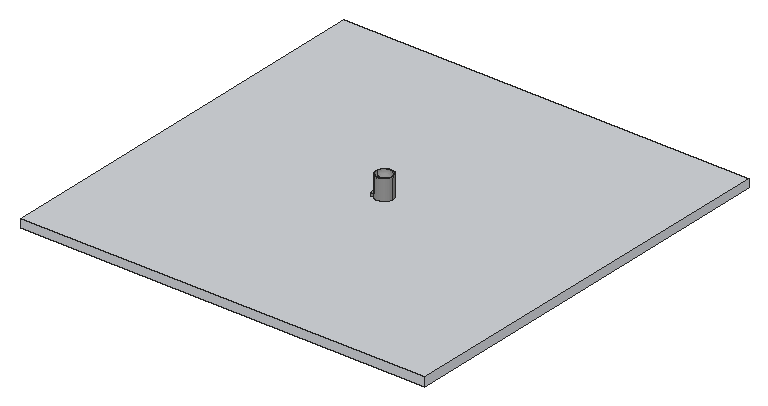
Revit family "LAMP_KOMBIC 100 SURFACE TRACK 2500 CRI80 OPTIC", category Luminarias, Revit 2018
Family settings
  Anfitrión = Cara
  Cota de conector redondo = Diámetro de uso
  Tipo de pieza = Normal
  Corte con vacíos al cargar = No
  Origen de luz = Sí
  Compartido = No
  Punto de cálculo de habitación = No
Parameters (values of type "1609LM 3000K  B/B")
  Ángulo de inclinación = -90.00°
  Weight = 0.498 kg
  UGR = "17"
  Type = "COB PHILIPS"
  Protection rating = "IP40"
  Product datasheet = "http://www.lamp.es/product-files/TECH/K11TK2540WF830NBB-EN.pdf"
  Product code = "K11TK2540WF830NBB"
  Product URL = "https://www.lamp.es/en/family/kombic-surface_474354"
  Power Supply = "220-240V 50/60Hz"
  Power = 18 W
  Plum = 21.6 W
  Modelo = Product code  # "K11TK2540WF830NBB"
  Model explanation = "Possibility of chossing between surface or suspended within the model"
  Material reflector = LAMP_PC Reflector Kombic Metalizado Negro
  Material floron = LAMP_Plástico genérico NG
  Material difusor = LAMP_PMMA Difusor Kombic
  Material cuerpo = LAMP_Plástico genérico NG
  Material cable suspension = LAMP_Acero genérico
  Manufacturer name = "LAMP"
  Manufacturer country = "Spain"
  Manufacturer URL = "http://www.lamp.es/en"
  MacAdam = "3"
  Luminaire type = "Track"
  Last update = "03/08/2021"
  Lamp = "COB LED"
  LED Lifetime = "50.000 L70 B10"
  Insulation class = "I"
  Installation instructions = "https://www.lamp.es/product-files/packed/by-family/474354_INS_all.zip"
  IEE = "A+"
  Wattage = 21.6 W
  built-in parameter 1150107 = 3000 (stored number, unit not read)
  built-in parameter 1150110 = 1 (stored number, unit not read)
  built-in parameter 1150109 = 1 (stored number, unit not read)
  built-in parameter 1150112 = 1 (stored number, unit not read)
  built-in parameter 1150113 = 1 (stored number, unit not read)
  built-in parameter 1114218 = 1 (stored number, unit not read)
  built-in parameter 1150137 = (empty or 0)
  built-in parameter 1150132 = 2
  built-in parameter 1150105 = 2137.8 (stored number, unit not read)
  built-in parameter 1150102 = (empty or 0)
  built-in parameter 1150106 = 21.378 (stored number, unit not read)
  Height = 120 mm
  Gear = "Electronic"
  Lumens = 1609.2 lm
  Finish = "Matte black RAL 9011"
  Color Filter = 16777215
  built-in parameter 1114217 = 1 (stored number, unit not read)
  built-in parameter 1150139 = (empty or 0)
  Fabricante = Manufacturer name  # "LAMP"
  Default Elevation = 1219.2 mm
  built-in parameter 1150104 = 6.9213 (stored number, unit not read)
  Efficacy = 74.5 lm/W
  Diameter = 100 mm
  built-in parameter 1150115 = 1 (stored number, unit not read)
  built-in parameter 1150114 = 1 (stored number, unit not read)
  built-in parameter 1150138 = (empty or 0)
  built-in parameter 1150134 = (empty or 0)
  Dimming Lamp Color Temperature Shift = (empty or 0)
  CRI = "80"
  Archivo de red fotométrica = "K11rd2540WF830NBw.IES"
  built-in parameter 1150133 = 10 (stored number, unit not read)
Types (12, lengths in mm): name | UGR | Product datasheet | Product code | Modelo | Material reflector | Material cuerpo | built-in parameter 1150107 | built-in parameter 1150105 | built-in parameter 1150106 | Lumens | Finish | built-in parameter 1150104 | Efficacy | built-in parameter 1150134 | Archivo de red fotométrica
  1609LM 3000K  B/B | "17" | "http://www.lamp.es/product-files/TECH/K11TK2540WF830NBB-EN.pdf" | "K11TK2540WF830NBB" | "K11TK2540WF830NBB" | LAMP_PC Reflector Kombic Metalizado Negro | LAMP_Plástico genérico NG | 3000 (stored number, unit not read) | 2137.8 (stored number, unit not read) | 21.378 (stored number, unit not read) | 1609.2 lm | "Matte black RAL 9011" | 6.9213 (stored number, unit not read) | 74.5 lm/W | (empty or 0) | "K11rd2540WF830NBw.IES"
  1609LM 3000K  B/W | "17" | "http://www.lamp.es/product-files/TECH/K11TK2540WF830NBW-EN.pdf" | "K11TK2540WF830NBW" | "K11TK2540WF830NBW" | LAMP_PC Reflector Kombic Metalizado Negro | LAMP_Plástico genérico BL | 3000 (stored number, unit not read) | 2137.8 (stored number, unit not read) | 21.378 (stored number, unit not read) | 1609.2 lm | "Matte Traffic white RAL 9016" | 6.9213 (stored number, unit not read) | 74.5 lm/W | (empty or 0) | "K11rd2540WF830NBW.IES"
  1692LM 3000K  M/B | "17" | "http://www.lamp.es/product-files/TECH/K11TK2540WF830NMB-EN.pdf" | "K11TK2540WF830NMB" | "K11TK2540WF830NMB" | LAMP_PC Reflector Kombic Metalizado Mate | LAMP_Plástico genérico NG | 3000 (stored number, unit not read) | 2246.9 (stored number, unit not read) | 22.469 (stored number, unit not read) | 1691.28 lm | "Matte black RAL 9011" | 7.2743 (stored number, unit not read) | 78.3 lm/W | (empty or 0) | "K11rd2540WF830NMw.IES"
  1692LM 3000K  M/W | "17" | "http://www.lamp.es/product-files/TECH/K11TK2540WF830NMW-EN.pdf" | "K11TK2540WF830NMW" | "K11TK2540WF830NMW" | LAMP_PC Reflector Kombic Metalizado Mate | LAMP_Plástico genérico BL | 3000 (stored number, unit not read) | 2246.9 (stored number, unit not read) | 22.469 (stored number, unit not read) | 1691.28 lm | "Matte Traffic white RAL 9016" | 7.2743 (stored number, unit not read) | 78.3 lm/W | (empty or 0) | "K11rd2540WF830NMW.IES"
  1701LM 3000K  W/B | "19" | "http://www.lamp.es/product-files/TECH/K11TK2540WF830NWB-EN.pdf" | "K11TK2540WF830NWB" | "K11TK2540WF830NWB" | LAMP_PC Reflector Kombic Blanco | LAMP_Plástico genérico NG | 3000 (stored number, unit not read) | 2261.2 (stored number, unit not read) | 22.612 (stored number, unit not read) | 1702.08 lm | "Matte black RAL 9011" | 7.3208 (stored number, unit not read) | 78.8 lm/W | (empty or 0) | "K11rd2540WF830NWw.IES"
  1701LM 3000K  W/W | "19" | "http://www.lamp.es/product-files/TECH/K11TK2540WF830NWW-EN.pdf" | "K11TK2540WF830NWW" | "K11TK2540WF830NWW" | LAMP_PC Reflector Kombic Blanco | LAMP_Plástico genérico BL | 3000 (stored number, unit not read) | 2261.2 (stored number, unit not read) | 22.612 (stored number, unit not read) | 1702.08 lm | "Matte Traffic white RAL 9016" | 7.3208 (stored number, unit not read) | 78.8 lm/W | (empty or 0) | "K11rd2540WF830NWW.IES"
  1704LM 4000K  B/B | "17" | "http://www.lamp.es/product-files/TECH/K11TK2540WF840NBB-EN.pdf" | "K11TK2540WF840NBB" | "K11TK2540WF840NBB" | LAMP_PC Reflector Kombic Metalizado Negro | LAMP_Plástico genérico NG | 4000 (stored number, unit not read) | 2264.1 (stored number, unit not read) | 22.641 (stored number, unit not read) | 1704.24 lm | "Matte black RAL 9011" | 7.33 (stored number, unit not read) | 78.9 lm/W | 12 | "K11rd2540WF840NBw.IES"
  1704LM 4000K  B/W | "17" | "http://www.lamp.es/product-files/TECH/K11TK2540WF840NBW-EN.pdf" | "K11TK2540WF840NBW" | "K11TK2540WF840NBW" | LAMP_PC Reflector Kombic Metalizado Negro | LAMP_Plástico genérico BL | 4000 (stored number, unit not read) | 2264.1 (stored number, unit not read) | 22.641 (stored number, unit not read) | 1704.24 lm | "Matte Traffic white RAL 9016" | 7.33 (stored number, unit not read) | 78.9 lm/W | 12 | "K11rd2540WF840NBW.IES"
  1792LM 4000K  W/B | "17" | "http://www.lamp.es/product-files/TECH/K11TK2540WF840NMB-EN.pdf" | "K11TK2540WF840NMB" | "K11TK2540WF840NMB" | LAMP_PC Reflector Kombic Metalizado Mate | LAMP_Plástico genérico NG | 4000 (stored number, unit not read) | 2381.7 (stored number, unit not read) | 23.817 (stored number, unit not read) | 1792.8 lm | "Matte black RAL 9011" | 7.711 (stored number, unit not read) | 83 lm/W | 12 | "K11rd2540WF840NMw.IES"
  1792LM 4000K  W/W | "17" | "http://www.lamp.es/product-files/TECH/K11TK2540WF840NMW-EN.pdf" | "K11TK2540WF840NMW" | "K11TK2540WF840NMW" | LAMP_PC Reflector Kombic Metalizado Mate | LAMP_Plástico genérico BL | 3000 (stored number, unit not read) | 2381.7 (stored number, unit not read) | 23.817 (stored number, unit not read) | 1792.8 lm | "Matte Traffic white RAL 9016" | 7.711 (stored number, unit not read) | 83 lm/W | (empty or 0) | "K11rd2540WF840NMW.IES"
  1802LM 4000K  M/B | "19" | "http://www.lamp.es/product-files/TECH/K11TK2540WF840NWB-EN.pdf" | "K11TK2540WF840NWB" | "K11TK2540WF840NWB" | LAMP_PC Reflector Kombic Blanco | LAMP_Plástico genérico NG | 3000 (stored number, unit not read) | 2393.2 (stored number, unit not read) | 23.932 (stored number, unit not read) | 1801.44 lm | "Matte black RAL 9011" | 7.7481 (stored number, unit not read) | 83.4 lm/W | (empty or 0) | "K11rd2540WF840NWw.IES"
  1802LM 4000K  M/W | "19" | "http://www.lamp.es/product-files/TECH/K11TK2540WF840NWW-EN.pdf" | "K11TK2540WF840NWW" | "K11TK2540WF840NWW" | LAMP_PC Reflector Kombic Blanco | LAMP_Plástico genérico BL | 4000 (stored number, unit not read) | 2393.2 (stored number, unit not read) | 23.932 (stored number, unit not read) | 1801.44 lm | "Matte Traffic white RAL 9016" | 7.7481 (stored number, unit not read) | 83.4 lm/W | 12 | "K11rd2540WF840NWW.IES"
Reference planes
  plane 1 "Centro (Frontal/Posterior)": y = 0
  plane 2: z = 0
  plane 3 "Centro (Izquierda/Derecha)": x = 0
Forms (mm)
  Extrusion 1, solid
    sketch origin (0, 0, 0) x (1, 0, 0) y (0, 1, 0)
      loop
        line (-1219.2, 1219.2) -> (-1219.2, -1219.2) -> (1219.2, -1219.2) -> (1219.2, 1219.2) -> (-1219.2, 1219.2)
    from 0 to -50
  Extrusion 2, solid, material "LAMP_Plástico genérico NG" <- "Material cuerpo"
    sketch origin (0, 0, 0) x (1, 0, 0) y (0, 1, 0)
      loop
        circle (0, 0) r 50
    from 14 to 134
  Extrusion 3, void
    sketch origin (0, 0, 0) x (1, 0, 0) y (0, 1, 0)
      loop
        circle (0, 0) r 48
    from 25.333 to 134
  Sweep 4, solid, material "LAMP_PC Reflector Kombic Metalizado Negro" <- "Material reflector"
    path origin (105.103, -251.845, 134) x (1, 0, 0) y (0, 1, 0)
      loop
        circle (-105.103, 251.959) r 48
    profile origin (0, 48.114, 134) x (0, -1, 0) y (0, 0, 1)
      loop
        arc (0, 0) -> (6.616, -20.646) -> (24, -33.6) r 35.52
        line (24, -33.6) -> (24, -32.6)
        arc (24, -32.6) -> (7.196, -20.217) -> (2, 0) r 31.112
        line (2, 0) -> (0, 0)
  Extrusion 5, solid, material "LAMP_PMMA Difusor Kombic" <- "Material difusor"
    sketch origin (0, 0, 0) x (1, 0, 0) y (0, 1, 0)
      loop
        circle (0, 0) r 24
    from 100.4 to 101.4
  Extrusion 6, solid, material "LAMP_Plástico genérico NG" <- "Material cuerpo"
    sketch origin (0, 0, 0) x (1, 0, 0) y (0, 1, 0)
      loop
        arc (-66.129, 16) -> (-70, 0) -> (-66.129, -16) r 35
        line (-66.129, -16) -> (-3.871, -16)
        arc (-3.871, -16) -> (0, 0) -> (-3.871, 16) r 35
        line (-3.871, 16) -> (-66.129, 16)
    from -26 to 14
  Extrusion 7, void
    sketch origin (0, 0, 0) x (0, 1, 0) y (0, 0, 1)
      loop
        line (17, 0) -> (7, 0) -> (7, -25) -> (-7, -25) -> (-7, 0) -> (-17, 0) -> (-17, -26) -> (17, -26) -> (17, 0)
    from -82.029 to 0
Cuts and joins
  Extrusion 3 cuts Extrusion 2
  Extrusion 7 cuts Extrusion 6
Text (mm)
  text "Any modification of the parameters and properties of the LAMP BIM models must be executed and validated by the LAMP technical department.\nPhone: +34 93 736 68 00\nE-mail: lamp@lamp.es\n\nLAMP reserves the right to modify the technical specifications of its products." at (1856.491, -4316.333, -2622.127), in view "Preview"
Dimensions and locks
  locked: Extrusion 2 to Extrusion 2 at 120
  locked: cut or joined group of Extrusion 2, Extrusion 3 to cut or joined group of Extrusion 2, Extrusion 3 at 108.667
  aligned and locked: plane 2 to Extrusion 1
  aligned and locked: level to Extrusion 1
  aligned and locked: Extrusion 2 to Extrusion 3
  aligned and locked: Sweep 4 to Extrusion 5
  aligned and locked: Extrusion 5 to Sweep 4
  aligned and locked: imposter light to cut or joined group of Extrusion 2, Extrusion 3
Connectors
  electrical at (0, 0, 14)
    settings: on cut or joined group of Extrusion 2, Extrusion 3, index 1, voltage 230 V, apparent load 0 VA, apparent load phase1 0 VA, apparent load phase2 0 VA, apparent load phase3 0 VA, power factor 1, load classification "Otro", number of poles 1, system type 31, power factor state 1, is connector primary yes, connector utility no, sub classification motor no, connector description ""
